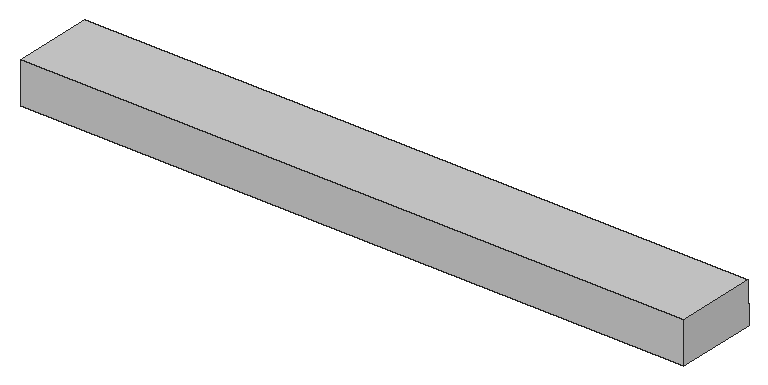
Revit family "Lum_Teto_Tubular_2_Embutido", category Lighting Fixtures, host Ceiling, Revit 2025
Family settings
  Host = Ceiling
  Round Connector Dimension = Use Diameter
  Part Type = Normal
  OmniClass Number = 23.80.70.11
  OmniClass Title = Luminaries for Internal Lighting
  Always vertical = Yes
  Cut with Voids When Loaded = No
  Light Source = Yes
  Maintain Annotation Orientation = No
  Shared = No
  Room Calculation Point = No
Parameters (values of type "Luminária_Tubular_Embutida_2_Lâmpadas")
  Wattage = 9.2903 W
  built-in parameter 1150110 = 1 (stored number, unit not read)
  built-in parameter 1114217 = 1 (stored number, unit not read)
  built-in parameter 1150109 = 1 (stored number, unit not read)
  Lumi_Material = Material_Corpo_Luminaria
  Lumi_Largura_Interna = Lumi_Largura * 0.95  # 142.5 mm
  Lumi_Largura = 150 mm
  Lumi_Comprimento = 1225 mm
  Lumi_Altura_Resalto = 15 mm
  Lumi_Altura_Embutida = 60 mm
  Emit from Line Length = Lumi_Comprimento - 200 mm  # 1025 mm
  Default Elevation = 0 mm
  built-in parameter 1150134 = (empty or 0)
  built-in parameter 1150113 = 1 (stored number, unit not read)
  Lumens = 1380 lm
  built-in parameter 1150115 = 1 (stored number, unit not read)
  built-in parameter 1150105 = 439.27 (stored number, unit not read)
  Light Source Symbol Size = Lumi_Largura - 20 mm  # 130 mm
  built-in parameter 1150137 = (empty or 0)
  built-in parameter 1150139 = (empty or 0)
  built-in parameter 1150112 = 1 (stored number, unit not read)
  built-in parameter 1150114 = 1 (stored number, unit not read)
  built-in parameter 1150132 = 2
  built-in parameter 1150102 = (empty or 0)
  built-in parameter 1150138 = (empty or 0)
  built-in parameter 1150107 = 3000 (stored number, unit not read)
  built-in parameter 1150106 = 4.3927 (stored number, unit not read)
  built-in parameter 1150104 = 13.8 (stored number, unit not read)
  Dimming Lamp Color Temperature Shift = <None>
  Color Filter = 16777215
  built-in parameter 1114218 = 1 (stored number, unit not read)
  built-in parameter 1150133 = 10 (stored number, unit not read)
Reference planes
  plane 1 "Eixo de origem da luz (F/T)": y = 0
  plane 2: z = 0
  plane 3 "Eixo de origem da luz (E/D)": x = 0
  plane 4 "Forro": z = 4000
  plane 5 "Elevação da origem da luz": z = 3985
  plane 6 "Tubo_E": x = -512.5
  plane 7 "Tubo_D": x = 512.5
  plane 8: y = 43.668
  plane 9: y = -43.668
  plane 10: z = 4060
Forms (mm)
  Extrusion 1, solid, material "Material_Corpo_Luminaria" <- "Lumi_Material"
    sketch origin (0, 0, 4000) x (0, 1, 0) y (-1, 0, 0)
      loop
        line (75, 612.5) -> (-75, 612.5) -> (-75, -612.5) -> (75, -612.5) -> (75, 612.5)
    from 60 to -15
  Extrusion 2, void
    sketch origin (512.5, 0, 0) x (0, 1, 0) y (0, 0, 1)
      loop
        line (-71.25, 3978.108) -> (71.25, 3978.108) -> (71.25, 4001.255)
        arc (71.25, 4001.255) -> (-0.034, 4028.045) -> (-71.25, 4001.072) r 107.867
        line (-71.25, 4001.072) -> (-71.25, 3978.108)
    from 0 to -1025
Cuts and joins
  Extrusion 2 cuts Extrusion 1
Lines and regions (mm)
  Opening 1
    outline origin (0, 0, 4000) x (1, 0, 0) y (0, 1, 0)
      loop
        line (-612.5, 75) -> (-612.5, -75) -> (612.5, -75) -> (612.5, 75) -> (-612.5, 75)
Dimensions and locks
  equal spacing: host sketch curve, plane 3 "Eixo de origem da luz (E/D)", host sketch curve
  equal spacing: host sketch curve, plane 1 "Eixo de origem da luz (F/T)", host sketch curve
  host sketch curve to host sketch curve = 4000 mm  (x2)
  plane 4 "Forro" to host ceiling = 0 mm
  equal spacing: Extrusion 1 sketch curve, plane 3 "Eixo de origem da luz (E/D)", Extrusion 1 sketch curve
  equal spacing: Extrusion 1 sketch curve, plane 1 "Eixo de origem da luz (F/T)", Extrusion 1 sketch curve
  "Lumi_Largura": Extrusion 1 sketch curve to Extrusion 1 sketch curve
  "Lumi_Comprimento": Extrusion 1 sketch curve to Extrusion 1 sketch curve
  equal spacing: plane 6 "Tubo_E", plane 3 "Eixo de origem da luz (E/D)", plane 7 "Tubo_D"
  "Emit from Line Length": plane 6 "Tubo_E" to plane 7 "Tubo_D"
  equal spacing: Extrusion 2 sketch curve, plane 1 "Eixo de origem da luz (F/T)", Extrusion 2 sketch curve
  "Lumi_Largura_Interna": Extrusion 2 to Extrusion 2
  equal spacing: plane 8, plane 1 "Eixo de origem da luz (F/T)", plane 9
  "Lumi_Altura_Embutida": plane 4 "Forro" to plane 10
  "Lumi_Altura_Resalto": plane 5 "Elevação da origem da luz" to plane 4 "Forro"
  aligned and locked: plane 5 "Elevação da origem da luz" to Extrusion 1
  aligned and locked: imposter light to plane 1 "Eixo de origem da luz (F/T)"
  aligned and locked: Extrusion 2 to plane 6 "Tubo_E"
  aligned and locked: Opening 1 sketch curve to cut or joined group of Extrusion 1, Extrusion 2  (x4)
  aligned and locked: plane 10 to cut or joined group of Extrusion 1, Extrusion 2
  aligned and locked: plane 5 "Elevação da origem da luz" to cut or joined group of Extrusion 1, Extrusion 2
  aligned and locked: plane 5 "Elevação da origem da luz" to imposter light
Automatic sketch dimensions
  plane 5 "Elevação da origem da luz" to Extrusion 2 sketch curve = 6.892 mm
  Extrusion 2 sketch curve to plane 1 "Eixo de origem da luz (F/T)" = 0.104 mm
  plane 5 "Elevação da origem da luz" to Extrusion 2 sketch curve = 64.822 mm
  plane 1 "Eixo de origem da luz (F/T)" to Extrusion 2 sketch curve = 71.25 mm
  Extrusion 2 sketch curve to plane 5 "Elevação da origem da luz" = 16.072 mm
